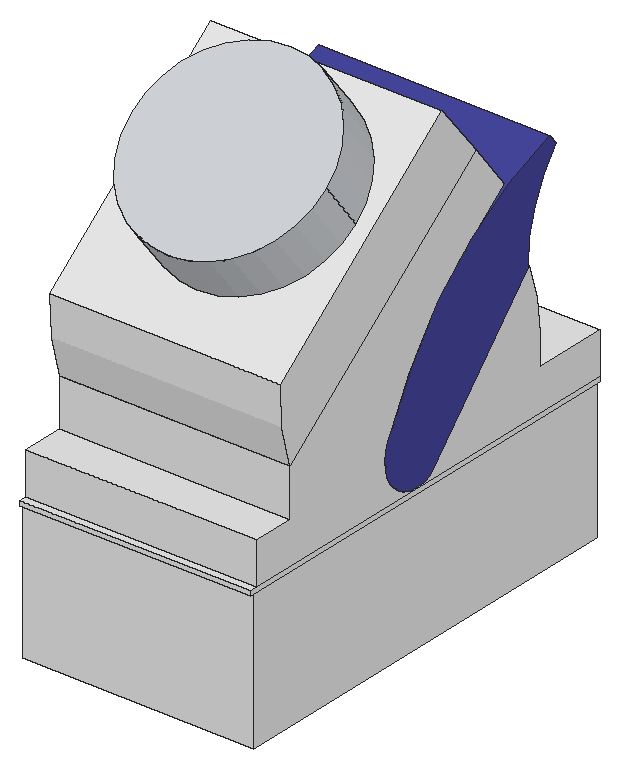
Revit family "Building-IEC309Connections-GEWISS-COMBIBLOC-INTERLOCKED-SOCKET-OUTLETS_IP55", category Apparecchi elettrici, host Superficie, Revit 2019
Family settings
  Host = Superficie
  Mantenere orientamento annotazione = Sì
  Quota connettore circolare = Usa diametro
  Tipo di parte = Normale
  Taglio con vuoti quando caricato = No
  Condiviso = No
  Punto di calcolo locali = Sì
Parameters (values of type "GW66464 - COMBIBLOC W.B.IP55 3P+N+E 32A 400V 6H")
  visibilita posizionamento 2d [instance] = yes
  simbolo acceso [instance] = yes
  oggetto in pianta [instance] = not(visibilita posizionamento 2d)  # no
  distanza_simbolo [instance] = 1 mm
  distanza dal piano [instance] = 10 mm
  With back-mounting box = "Yes"
  W = 115 mm  # constant formula
  Voltaggio = 0 V
  Version file RFA = "21.4"
  VETRO = Vetro
  URL = "https://www.gewiss.com/ww/en"
  Typology = "Compact"
  Thermo-pressure with ball = "125 °C (active parts) - 80 °C (passive parts)"
  Technical sheet = "https://www.gewiss.com/ww/en/search?q=GW66464"
  Spostamento_effettivo_S [instance] = 4000 mm - Spostamento_S  # 2500 mm
  Spostamento_S = 1500 mm
  Simbolo circuito [instance] = not(simbolo acceso)  # no
  Shock resistance = "IK08"
  STRUTTURA ALTA = blue
  STRUTTURA = RAL - 7035
  SEO = "Interlocked outlet"
  Reference h = "6"
  Realized by GEWISS S.p.A. = ""
  Rated voltage = "380-415V"
  Rated current (A) = "32"
  Protection = "NO (SBF)"
  Default Elevation = 1219.2 mm
  Produttore = "GEWISS S.p.A."
  PRESA = Giallo
  POMELLO = bianco
  Operating temperature: = "-25 +40 °C"
  No. of poles = "3P+N+E"
  N.poli = 1
  Modello = "GW66464"
  L = 155 mm  # constant formula
  Immagine tipo = COMBIBLOC55Fondo.jpg
  IP degree = "IP55"
  IDT = "876c997d56934812acb3c8df0937ea93"
  IDF = "8df49ec9-f186-4604-9644-f3054fbccd40"
  Glow wire test: = "850 °C (active parts) - 650 °C (passive parts)"
  Frequency = "50/60 Hz"
  FORMULA = 1000 mm * 1  # 1000 mm
  Electrocod = "2221"
  Descrizione = "COMBIBLOC W.B.IP55 3P+N+E 32A 400V 6H"
  Colour: = "Red"
  Catalogue = "BUILDING"
  COBie.Tagnumber = ""
  COBie.CreatedOn = ""
  COBie.CreatebBy = ""
  COBie.ComponentRegisterItemID = ""
  COBie.Component.TagNumber = ""
  COBie.Component.Space = ""
  COBie.Component.SerialNumber = ""
  COBie.Component.InstallationDate = ""
  COBie.Component.Description = ""
  COBie.Component.BarCode = ""
  BLOCCO = "B=C"
Types (18, lengths in mm): name | Technical sheet | Reference h | Rated voltage | Rated current (A) | No. of poles | Modello | IDT | Descrizione | Colour:
  GW66445 - COMBIBLOC W.B.IP55 2P+E 16A 110V 4H | "https://www.gewiss.com/ww/en/search?q=GW66445" | "4" | "100-130V" | "16" | "2P+E" | "GW66445" | "b09452ff25ac442893329a4a0de9fcee" | "COMBIBLOC W.B.IP55 2P+E 16A 110V 4H" | "Yellow"
  GW66446 - COMBIBLOC W.B.IP55 3P+E 16A 110V 4H | "https://www.gewiss.com/ww/en/search?q=GW66446" | "4" | "100-130V" | "16" | "3P+E" | "GW66446" | "db5131f6e46f4e828b9ed6ba1a618e3c" | "COMBIBLOC W.B.IP55 3P+E 16A 110V 4H" | "Yellow"
  GW66447 - COMBIBLOC W.B.IP55 3P+N+E 16A 110V 4H | "https://www.gewiss.com/ww/en/search?q=GW66447" | "4" | "100-130V" | "16" | "3P+N+E" | "GW66447" | "de1b0f7fbfe543dc93f8b9365bd4d81b" | "COMBIBLOC W.B.IP55 3P+N+E 16A 110V 4H" | "Yellow"
  GW66448 - COMBIBLOC W.B.IP55 2P+E 16A 230V 6H | "https://www.gewiss.com/ww/en/search?q=GW66448" | "6" | "200-250V" | "16" | "2P+E" | "GW66448" | "55ab65af9c004d1cbb5288e64484fea4" | "COMBIBLOC W.B.IP55 2P+E 16A 230V 6H" | "Blue"
  GW66449 - COMBIBLOC W.B.IP55 3P+E 16A 230V 9H | "https://www.gewiss.com/ww/en/search?q=GW66449" | "9" | "200-250V" | "16" | "3P+E" | "GW66449" | "868b530c4a70465f829466fb0b1eaaf2" | "COMBIBLOC W.B.IP55 3P+E 16A 230V 9H" | "Blue"
  GW66450 - COMBIBLOC W.B.IP55 3P+N+E 16A 230V 9H | "https://www.gewiss.com/ww/en/search?q=GW66450" | "9" | "200-250V" | "16" | "3P+N+E" | "GW66450" | "bf9c21a16fe543718146ce83022bdf6b" | "COMBIBLOC W.B.IP55 3P+N+E 16A 230V 9H" | "Blue"
  GW66451 - COMBIBLOC W.B.IP55 2P+E 16A 400V 9H | "https://www.gewiss.com/ww/en/search?q=GW66451" | "9" | "380-415V" | "16" | "2P+E" | "GW66451" | "f6c53e2ba25f4543bf696e0c91b9b066" | "COMBIBLOC W.B.IP55 2P+E 16A 400V 9H" | "Red"
  GW66452 - COMBIBLOC W.B.IP55 3P+E 16A 400V 6H | "https://www.gewiss.com/ww/en/search?q=GW66452" | "6" | "380-415V" | "16" | "3P+E" | "GW66452" | "8767d4b3d40f4c2bbcaa7f25e24205d3" | "COMBIBLOC W.B.IP55 3P+E 16A 400V 6H" | "Red"
  GW66453 - COMBIBLOC W.B.IP55 3P+N+E 16A 400V 6H | "https://www.gewiss.com/ww/en/search?q=GW66453" | "6" | "380-415V" | "16" | "3P+N+E" | "GW66453" | "d04e8b1e069a44cb8a85c82e5740e626" | "COMBIBLOC W.B.IP55 3P+N+E 16A 400V 6H" | "Red"
  GW66456 - COMBIBLOC W.B.IP55 2P+E 32A 110V 4H | "https://www.gewiss.com/ww/en/search?q=GW66456" | "4" | "100-130V" | "32" | "2P+E" | "GW66456" | "21656f604b3a4bf9a064876fc2253162" | "COMBIBLOC W.B.IP55 2P+E 32A 110V 4H" | "Yellow"
  GW66457 - COMBIBLOC W.B.IP55 3P+E 32A 110V 4H | "https://www.gewiss.com/ww/en/search?q=GW66457" | "4" | "100-130V" | "32" | "3P+E" | "GW66457" | "f6f52fbc62e74107928557f2cbd2df79" | "COMBIBLOC W.B.IP55 3P+E 32A 110V 4H" | "Yellow"
  GW66458 - COMBIBLOC W.B.IP55 3P+N+E 32A 110V 4H | "https://www.gewiss.com/ww/en/search?q=GW66458" | "4" | "100-130V" | "32" | "3P+N+E" | "GW66458" | "a8d3a18fa07045d092c7ba581f830720" | "COMBIBLOC W.B.IP55 3P+N+E 32A 110V 4H" | "Yellow"
  GW66459 - COMBIBLOC W.B.IP55 2P+E 32A 230V 6H | "https://www.gewiss.com/ww/en/search?q=GW66459" | "6" | "200-250V" | "32" | "2P+E" | "GW66459" | "7de474a6754747379086d3b2fb19f4a8" | "COMBIBLOC W.B.IP55 2P+E 32A 230V 6H" | "Blue"
  GW66460 - COMBIBLOC W.B.IP55 3P+E 32A 230V 9H | "https://www.gewiss.com/ww/en/search?q=GW66460" | "9" | "200-250V" | "32" | "3P+E" | "GW66460" | "3cee7ab284844219b1d9c562e73a48c8" | "COMBIBLOC W.B.IP55 3P+E 32A 230V 9H" | "Blue"
  GW66461 - COMBIBLOC W.B.IP55 3P+N+E 32A 230V 9H | "https://www.gewiss.com/ww/en/search?q=GW66461" | "9" | "200-250V" | "32" | "3P+N+E" | "GW66461" | "7ef4b38a4bd2483f9469cf6301273efc" | "COMBIBLOC W.B.IP55 3P+N+E 32A 230V 9H" | "Blue"
  GW66462 - COMBIBLOC W.B.IP55 2P+E 32A 400V 9H | "https://www.gewiss.com/ww/en/search?q=GW66462" | "9" | "380-415V" | "32" | "2P+E" | "GW66462" | "81fb9989d58847c6b0e5770cfc32f3c5" | "COMBIBLOC W.B.IP55 2P+E 32A 400V 9H" | "Red"
  GW66463 - COMBIBLOC W.B.IP55 3P+E 32A 400V 6H | "https://www.gewiss.com/ww/en/search?q=GW66463" | "6" | "380-415V" | "32" | "3P+E" | "GW66463" | "1dc568f1d2a24ade84519dbed37bc727" | "COMBIBLOC W.B.IP55 3P+E 32A 400V 6H" | "Red"
  GW66464 - COMBIBLOC W.B.IP55 3P+N+E 32A 400V 6H | "https://www.gewiss.com/ww/en/search?q=GW66464" | "6" | "380-415V" | "32" | "3P+N+E" | "GW66464" | "876c997d56934812acb3c8df0937ea93" | "COMBIBLOC W.B.IP55 3P+N+E 32A 400V 6H" | "Red"
Reference planes
  plane 1 "Centro (Fronte/Retro)": y = 0
  plane 2: z = 0
  plane 3 "Centro (Sinistra/Destra)": x = 0
  plane 4: x = -3000
  plane 5: x = -500
  plane 6: z = 10
Lines and regions (mm)
  symbolic lines, visible <- "visibilita posizionamento 2d"
    curve 1: line (0, 0, 10) -> (0, 0, 155)
    curve 2: line (0, 0, 155) -> (71, 0, 155)
    curve 3: line (71, 0, 155) -> (71, 0, 10)
    curve 4: line (0, 0, 10) -> (71, 0, 10)
  symbolic lines, visible <- "visibilita posizionamento 2d", not visible
    curve 5: line (0, 0, 0) -> (0, 0, 145)
    curve 6: line (0, 0, 145) -> (71, 0, 145)
    curve 7: line (71, 0, 145) -> (71, 0, 0)
    curve 8: line (0, 0, 0) -> (71, 0, 0)
Dimensions and locks
  plane 4 to plane 3 "Centro (Sinistra/Destra)" = 3000 mm
  "Spostamento_effettivo_S": plane 4 to plane 5
  "distanza dal piano": plane 6 to plane 2
  aligned and locked: plane 2 to host face
  aligned and locked: level to host face
  aligned and locked: nested 1 to plane 5
  aligned and locked: curve 4 to plane 6
  aligned and locked: plane 5 to nested 2
  aligned and locked: plane 3 "Centro (Sinistra/Destra)" to nested 3
Automatic sketch dimensions
  host sketch curve to host sketch curve = 2438.4 mm  (x2)
  curve 1 to curve 3 = 71 mm
  curve 3 to curve 3 = 145 mm
  curve 5 to curve 7 = 71 mm
  curve 7 to curve 7 = 145 mm
Nested families
  nested 1: "PRESAINDPFUS" at (-500, 247.795, 0), SIMBOLO ACCESO <- "simbolo acceso", Distanza dal muro <- "distanza_simbolo", visible <- "simbolo acceso", type "3P"
    with SIMBOLO ACCESO yes, Distanza dal muro 1 mm, BORDO ACCESO yes
  nested 2: "simbolo_circuitoGW66201N" at (-499.076, 249.682, 0), Distanza dal muro <- "distanza_simbolo", visible <- "Simbolo circuito", type "3P"
    with SIMBOLO ACCESO yes, Distanza dal muro 1 mm, BORDO ACCESO yes
  nested 3: "COMBIBLOC S.F.IP44 2P+T 16A 110V 4H.rfa_BASE" at (0, -8.089, 0), type "COMBIBLOC S.F.IP44 2P+T 16A 110V 4H.rfa_BASE"
Definition of nested family "COMBIBLOC S.F.IP44 2P+T 16A 110V 4H.rfa_BASE"
  Parameters (values of type "COMBIBLOC S.F.IP44 2P+T 16A 110V 4H.rfa_BASE")
    CENTRALE = none
  Reference planes
    plane 1 "Centro (Fronte/Retro)": y = 0
    plane 2: z = 0
    plane 3 "Centro (Sinistra/Destra)": x = 0
    plane 4 "EEE": through (4267.2, -291.041, 143.375) normal (0, -0.788, -0.6157)
    plane 5: x = 71
    plane 6: x = 51
    plane 7: x = 48
  Forms (mm)
    Extrusion 1, solid
      sketch origin (0, -203.338, -194.725) x (0, 0, -1) y (0, 1, 0)
        loop
          line (-194.725, 132.823) -> (-194.725, 264.821) -> (-237.225, 264.821) -> (-237.225, 132.823) -> (-194.725, 132.823)
      from 0 to 71
    Extrusion 2, solid
      sketch origin (0, -203.338, -194.725) x (0, 0, -1) y (0, 1, 0)
        loop
          line (-322.202, 218.222) -> (-266.481, 146.902) -> (-251.685, 146.876) -> (-251.685, 134.073) -> (-238.63, 134.073) -> (-238.63, 266.073) -> (-251.685, 266.073) -> (-251.685, 242.988) -> (-260.817, 242.988)
          arc (-260.817, 242.988) -> (-271.303, 241.907) -> (-281.357, 238.739) r 51.89
          line (-281.357, 238.739) -> (-239.989, 200.756)
          arc (-239.989, 200.756) -> (-243.657, 186.196) -> (-258.66, 185.608) r 12.53
          arc (-258.66, 185.608) -> (-277.82, 196.415) -> (-294.049, 211.266) r 96.883
          arc (-294.049, 211.266) -> (-301.135, 220.206) -> (-308.19, 229.17) r 3334.308
          line (-308.19, 229.17) -> (-322.202, 218.222)
      from 0 to 71
    Extrusion 3, solid
      sketch origin (0, -203.338, -194.725) x (0, 0, -1) y (0, 1, 0)
        loop
          arc (-313.71, 246.882) -> (-293.021, 210.103) -> (-258.66, 185.608) r 96.883
          arc (-258.66, 185.608) -> (-243.657, 186.196) -> (-239.989, 200.756) r 12.53
          line (-239.989, 200.756) -> (-280.857, 238.28)
          arc (-280.857, 238.28) -> (-296.734, 241.043) -> (-310.55, 249.339) r 43.984
          line (-310.55, 249.339) -> (-313.71, 246.882)
      from 0 to 71
    Extrusion 4, solid
      sketch origin (0, -203.338, -194.725) x (0, 0, -1) y (0, 1, 0)
        loop
          line (-322.202, 218.222) -> (-338.825, 205.235) -> (-290.465, 143.337)
          arc (-290.465, 143.337) -> (-278.287, 143.866) -> (-266.482, 146.903) r 58.569
          line (-266.482, 146.903) -> (-322.202, 218.222)
      from 0 to 71
    Extrusion 5, solid
      sketch origin (2.5, -229.189, -136.882) x (0, -0.788011, -0.615661) y (1, 0, 0)
        loop
          circle (-320.903, 33.712) r 30
      from 79.145 to 97.62
    Extrusion 6, solid
      sketch origin (0, 52.766, 5.365) x (0, 0, -1) y (0, 1, 0)
        loop
          line (-38.54, 9.97) -> (-38.54, -124.428) -> (-37.165, -124.428) -> (-37.165, 9.97) -> (-38.54, 9.97)
      from 0 to 71
    Extrusion 7, solid, not visible
      sketch origin (0, 200.09, -256.103) x (0, 1, 0) y (0, 0, 1)
        loop
          line (-194.725, 132.823) -> (-194.725, 264.821) -> (-237.225, 264.821) -> (-237.225, 132.823) -> (-194.725, 132.823)
      from 0 to 71
    Extrusion 8, solid, not visible
      sketch origin (0, 200.09, -256.103) x (0, 1, 0) y (0, 0, 1)
        loop
          line (-322.202, 218.222) -> (-266.481, 146.902) -> (-251.685, 146.876) -> (-251.685, 134.073) -> (-238.63, 134.073) -> (-238.63, 266.073) -> (-251.685, 266.073) -> (-251.685, 242.988) -> (-260.817, 242.988)
          arc (-260.817, 242.988) -> (-271.303, 241.907) -> (-281.357, 238.739) r 51.89
          line (-281.357, 238.739) -> (-239.989, 200.756)
          arc (-239.989, 200.756) -> (-243.657, 186.196) -> (-258.66, 185.608) r 12.53
          arc (-258.66, 185.608) -> (-277.82, 196.415) -> (-294.049, 211.266) r 96.883
          arc (-294.049, 211.266) -> (-301.135, 220.206) -> (-308.19, 229.17) r 3334.308
          line (-308.19, 229.17) -> (-322.202, 218.222)
      from 0 to 71
    Extrusion 9, solid, not visible
      sketch origin (0, 200.09, -256.103) x (0, 1, 0) y (0, 0, 1)
        loop
          arc (-313.71, 246.882) -> (-293.021, 210.103) -> (-258.66, 185.608) r 96.883
          arc (-258.66, 185.608) -> (-243.657, 186.196) -> (-239.989, 200.756) r 12.53
          line (-239.989, 200.756) -> (-280.857, 238.28)
          arc (-280.857, 238.28) -> (-296.734, 241.043) -> (-310.55, 249.339) r 43.984
          line (-310.55, 249.339) -> (-313.71, 246.882)
      from 0 to 71
    Extrusion 10, solid, not visible
      sketch origin (0, 200.09, -256.103) x (0, 1, 0) y (0, 0, 1)
        loop
          line (-322.202, 218.222) -> (-338.825, 205.235) -> (-290.465, 143.337)
          arc (-290.465, 143.337) -> (-278.287, 143.866) -> (-266.482, 146.903) r 58.569
          line (-266.482, 146.903) -> (-322.202, 218.222)
      from 0 to 71
    Extrusion 11, solid, not visible
      sketch origin (2.5, 142.247, -281.955) x (0, 0.615661, -0.788011) y (1, 0, 0)
        loop
          circle (-320.903, 33.712) r 30
      from 79.145 to 97.62
    Extrusion 12, solid, not visible
      sketch origin (0, 0, 0) x (0, 1, 0) y (0, 0, 1)
        loop
          line (-38.54, 9.97) -> (-38.54, -124.428) -> (-37.165, -124.428) -> (-37.165, 9.97) -> (-38.54, 9.97)
      from 0 to 71
  Dimensions and locks
    plane 3 "Centro (Sinistra/Destra)" to plane 5 = 71 mm
    locked: plane 7 to plane 6 at 3
    aligned and locked: level to plane 2
    aligned and locked: Extrusion 1 to plane 5
    aligned and locked: Extrusion 1 to Extrusion 2
    aligned and locked: Extrusion 3 to Extrusion 1
    aligned and locked: Extrusion 4 to Extrusion 1
    aligned and locked: Extrusion 1 to Extrusion 6
    aligned and locked: Extrusion 5 to Extrusion 4
    aligned and locked: Extrusion 11 to Extrusion 10
Definition of nested family "PRESAINDPFUS"
  Parameters (values of type "2P")
    SIMBOLO ACCESO [instance] = yes
    SIMBOLO = PRESAINDPFUS_BASE : 2P
    Distanza dal muro [instance] = 0 mm
    BORDO ACCESO [instance] = yes
  Types (2, lengths in mm): name | SIMBOLO
    2P | PRESAINDPFUS_BASE : 2P
    3P | PRESAINDPFUS_BASE : 3P
  Reference planes
    plane 1: y = 0
    plane 2: x = 0
  Dimensions and locks
    "Distanza dal muro": plane 1 to nested 1
    aligned and locked: plane 2 to nested 1
  Nested families
    nested 1: "PRESAINDPFUS_BASE" at (0, 0, 0), type <- "SIMBOLO", CORNICE SIMBOLO <- "BORDO ACCESO", visible <- "SIMBOLO ACCESO", type "2P"
  Definition of nested family "PRESAINDPFUS_BASE"
    Parameters (values of type "3P")
      CORNICE SIMBOLO [instance] = yes
      3P = yes
    Types (2, lengths in mm): name | 3P
      3P | yes
      2P | no
    Reference planes
      plane 1: y = 0
      plane 2: x = 0
    Lines and regions (mm)
      detail lines, visible <- "CORNICE SIMBOLO"
        curve 1: line (-0.9, 2.4, 0) -> (0.9, 2.4, 0)
        curve 2: line (0.9, 2.4, 0) -> (0.9, 0.1, 0)
        curve 3: line (0.9, 0.1, 0) -> (-0.9, 0.1, 0)
        curve 4: line (-0.9, 0.1, 0) -> (-0.9, 2.4, 0)
      detail lines, not visible
        curve 5: line (-2.443, 10.208, 0) -> (2.057, 10.208, 0)
        curve 6: line (2.057, 10.208, 0) -> (2.057, 4.208, 0)
        curve 7: line (2.057, 4.208, 0) -> (-2.443, 4.208, 0)
        curve 8: line (-2.443, 4.208, 0) -> (-2.443, 10.208, 0)
        curve 9: line (-2.043, 9.808, 0) -> (1.657, 9.808, 0)
        curve 10: line (1.657, 9.808, 0) -> (1.657, 4.608, 0)
        curve 11: line (1.657, 4.608, 0) -> (-2.043, 4.608, 0)
        curve 12: line (-2.043, 4.608, 0) -> (-2.043, 9.808, 0)
      detail lines
        curve 13: line (-0.45, 1.069, 0) -> (-0.167, 1.069, 0)
        curve 14: line (-0.167, 1.069, 0) -> (0.33, 1.929, 0)
        curve 15: line (0.33, 1.929, 0) -> (0.836, 1.636, 0)
        curve 16: line (-0.167, 1.069, 0) -> (-0.45, 0.578, 0)
        curve 17: line (-0.45, 0.578, 0) -> (-0.45, 2.341, 0)
        curve 18: line (0.135, 1.591, 0) -> (0.641, 1.299, 0)
        curve 19: line (-0.84, 0.578, 0) -> (-0.06, 0.578, 0)
        curve 20: line (-0.45, 0.952, 0) -> (-0.333, 1.069, 0)
        curve 21: line (-0.45, 0.883, 0) -> (-0.264, 1.069, 0)
        curve 22: line (-0.45, 0.814, 0) -> (-0.195, 1.069, 0)
        curve 23: line (-0.45, 0.745, 0) -> (-0.223, 0.972, 0)
        curve 24: line (-0.45, 0.676, 0) -> (-0.317, 0.809, 0)
        curve 26: arc (-0.84, 0.189, 0) -> (-0.45, 0.578, 0) -> (-0.06, 0.189, 0) r 0.39
        curve 27: line (-0.608, 1.243, 0) -> (-0.608, 2.064, 0)
        curve 28: line (-0.608, 2.064, 0) -> (-0.292, 2.064, 0)
        curve 29: line (-0.292, 2.064, 0) -> (-0.292, 1.243, 0)
        curve 30: line (-0.292, 1.243, 0) -> (-0.608, 1.243, 0)
      detail lines, visible <- "3P"
        curve 25: line (-0.06, 1.254, 0) -> (0.446, 0.961, 0)
Definition of nested family "simbolo_circuitoGW66201N"
  Parameters (values of type "3P")
    SIMBOLO ACCESO [instance] = yes
    SIMBOLO = PRESAINDSTAGNA_BASE : 3P
    Distanza dal muro [instance] = 0 mm
    BORDO ACCESO [instance] = yes
  Reference planes
    plane 1: y = 0
    plane 2: x = 0
  Dimensions and locks
    "Distanza dal muro": plane 1 to nested 1
    aligned and locked: plane 2 to nested 1
  Nested families
    nested 1: "GW66201N-simb_base_di circuito" at (0, 0, 0), visible <- "SIMBOLO ACCESO", type "3P"
      with CORNICE SIMBOLO yes
  Definition of nested family "GW66201N-simb_base_di circuito"
    Parameters (values of type "3P")
      CORNICE SIMBOLO [instance] = yes
      3P = yes
    Types (2, lengths in mm): name | 3P
      3P | yes
      2P | no
    Reference planes
      plane 1: y = 0
      plane 2: x = 0
    Lines and regions (mm)
      detail lines, not visible
        curve 1: line (-2.443, 10.208, 0) -> (2.057, 10.208, 0)
        curve 2: line (2.057, 10.208, 0) -> (2.057, 4.208, 0)
        curve 3: line (2.057, 4.208, 0) -> (-2.443, 4.208, 0)
        curve 4: line (-2.443, 4.208, 0) -> (-2.443, 10.208, 0)
        curve 5: line (-2.043, 9.808, 0) -> (1.657, 9.808, 0)
        curve 6: line (1.657, 9.808, 0) -> (1.657, 4.608, 0)
        curve 7: line (1.657, 4.608, 0) -> (-2.043, 4.608, 0)
        curve 8: line (-2.043, 4.608, 0) -> (-2.043, 9.808, 0)
    Dimensions and locks
      aligned and locked: import instance to plane 2
      aligned and locked: plane 1 to import instance
